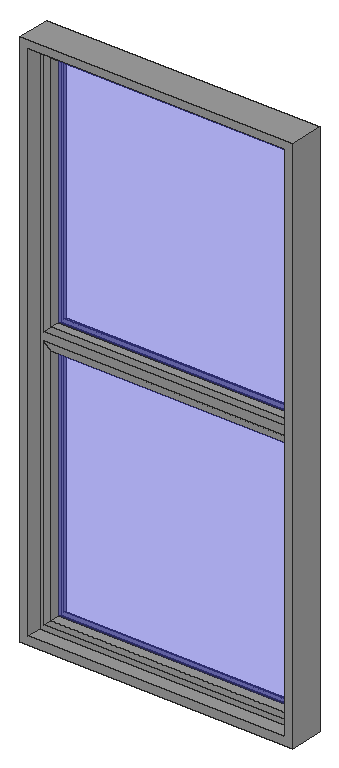
Revit family "16PL FX004_v02", category Windows, host Wall, Revit 2015
Parameters
  Wall Thickness [instance] = 0' - 6"
  URL = "obe.com"
  Transom Height = 3' - 0"
  Rough Width = Width + 0' 0 1/2"  # 3' - 0 1/2"
  Rough Height = Height + 0' 0 1/2"  # 6' - 0 1/2"
  Offset Limitation [instance] = if((Offset + 0' 4 1/2") > Wall Thickness, (Wall Thickness - 0' 4 1/2"), Offset)  # 0' - 1 1/2"
  Offset [instance] = 1' - 0"
  Model = "16PL FX004"
  Manufacturer = "Oldcastle BuildingEnvelope®"
  Keynote = "08 51 00"
  Height = Fixed Height + Transom Height  # 6' - 0"
  Glass Material = Glass
  Frame Material = Aluminum
  Fixed Height = 3' - 0"
  Description = "SIGNATURE SERIES 16PL"
  Default Sill Height = 3' - 0"
  Wall Closure = By host
  Width = 3' - 0"
  Construction Type = ""
  Assembly Code = "B2020"
Reference planes (in)
  plane 1 "Center (Front/Back)": y = 0
  plane 2: z = 0
  plane 3 "Center (Left/Right)": x = 0
  plane 4 "Left": x = -18.25
  plane 5 "Right": x = 18.25
  plane 6 "Sill": z = 36
  plane 7 "Top": z = 108.5
  plane 8 "Offset": y = 1.5
  plane 9: x = 18
  plane 10: z = 108.25
  plane 11: x = -18
  plane 12: z = 36.25
  plane 13 "Center": z = 72.25
  plane 14: z = 106.5
  plane 15: z = 73.18725
  plane 16: z = 71.31225
  plane 17: z = 38
Forms (in)
  Sweep 1, solid, material "Aluminum" <- "Frame Material"
    path origin (0, 1.5, 0) x (1, 0, 0) y (0, 0, 1)
      loop
        line (-18, 36) -> (-18, 72.25)
    profile origin (-18, 1.5, 54.125) x (-1, 0, 0) y (0, -1, 0)
      loop
        line (0.25, 0) -> (0.25, 4.5) -> (-0.75, 4.5) -> (-0.75, 2.5) -> (-1.3755, 2.5) -> (-2.25, 2.484) -> (-2.25, 1.21875) -> (-1.75, 1.21875) -> (-1.75, 0.21875) -> (-2.25, 0.21875) -> (-2.25, 0) -> (0.25, 0)
  Sweep 2, solid, material "Aluminum" <- "Frame Material"
    path origin (0, 1.5, 0) x (1, 0, 0) y (0, 0, 1)
      loop
        line (18, 72.25) -> (18, 36)
    profile origin (18, 1.5, 54.125) x (0, -1, 0) y (1, 0, 0)
      loop
        line (0, 0.25) -> (0, -2.25) -> (0.21875, -2.25) -> (0.21875, -1.75) -> (1.21875, -1.75) -> (1.21875, -2.25) -> (2.484, -2.25) -> (2.5, -1.3755) -> (2.5, -0.75) -> (4.5, -0.75) -> (4.5, 0.25) -> (0, 0.25)
  Sweep 3, solid, material "Aluminum" <- "Frame Material"
    path origin (0, 1.5, 0) x (1, 0, 0) y (0, 0, 1)
      loop
        line (18.25, 72.25) -> (-18.25, 72.25)
    profile origin (0, 1.5, 72.25) x (0, 0, -1) y (0, -1, 0)
      loop
        line (0, 0) -> (1.43775, 0) -> (1.43775, 0.21875) -> (0.93775, 0.21875) -> (0.93775, 1.21875) -> (1.43775, 1.21875) -> (1.43775, 2.484) -> (0.56325, 2.5) -> (0.0005, 2.5) -> (-0.56325, 2.5) -> (-1.43775, 2.484) -> (-1.43775, 1.21875) -> (-0.93775, 1.21875) -> (-0.93775, 0.21875) -> (-1.43775, 0.21875) -> (-1.43775, 0) -> (0, 0)
  Sweep 4, solid, material "Aluminum" <- "Frame Material"
    path origin (0, 1.5, 0) x (1, 0, 0) y (0, 0, 1)
      loop
        line (18.25, 36.25) -> (-18.25, 36.25)
    profile origin (0, 1.5, 36.25) x (0, 0, -1) y (0, -1, 0)
      loop
        line (0.25, 0) -> (0.25, 4.5) -> (-0.75, 4.5) -> (-0.75, 2.5) -> (-1.3755, 2.5) -> (-2.25, 2.484) -> (-2.25, 1.21875) -> (-1.75, 1.21875) -> (-1.75, 0.21875) -> (-2.25, 0.21875) -> (-2.25, 0) -> (0.25, 0)
  Sweep 5, solid, material "Aluminum" <- "Frame Material"
    path origin (0, 1.5, 0) x (1, 0, 0) y (0, 0, 1)
      loop
        line (18, 72.25) -> (18, 108.5)
    profile origin (18, 1.5, 90.375) x (-1, 0, 0) y (0, -1, 0)
      loop
        line (-0.25, 0) -> (2.25, 0) -> (2.25, 0.21875) -> (1.75, 0.21875) -> (1.75, 1.21875) -> (2.25, 1.21875) -> (2.25, 2.484) -> (1.3755, 2.5) -> (0.75, 2.5) -> (0.75, 4.5) -> (-0.25, 4.5) -> (-0.25, 0)
  Sweep 6, solid, material "Aluminum" <- "Frame Material"
    path origin (0, 1.5, 0) x (-1, 0, 0) y (0, 0, 1)
      loop
        line (18, 72.25) -> (18, 108.5)
    profile origin (-18, 1.5, 90.375) x (-1, 0, 0) y (0, -1, 0)
      loop
        line (0.25, 0) -> (0.25, 4.5) -> (-0.75, 4.5) -> (-0.75, 2.5) -> (-1.3755, 2.5) -> (-2.25, 2.484) -> (-2.25, 1.21875) -> (-1.75, 1.21875) -> (-1.75, 0.21875) -> (-2.25, 0.21875) -> (-2.25, 0) -> (0.25, 0)
  Sweep 7, solid, material "Aluminum" <- "Frame Material"
    path origin (0, 1.5, 0) x (1, 0, 0) y (0, 0, 1)
      loop
        line (18.25, 108.25) -> (-18.25, 108.25)
    profile origin (0, 1.5, 108.25) x (0, 0, -1) y (0, -1, 0)
      loop
        line (-0.25, 0) -> (2.25, 0) -> (2.25, 0.21875) -> (1.75, 0.21875) -> (1.75, 1.21875) -> (2.25, 1.21875) -> (2.25, 2.484) -> (1.3755, 2.5) -> (0.75, 2.5) -> (0.75, 4.5) -> (-0.25, 4.5) -> (-0.25, 0)
  Extrusion 8, solid, material "Glass" <- "Glass Material", detail levels coarse
    sketch origin (0, 0, 36) x (0, -1, 0) y (1, 0, 0)
      loop
        line (-1.28125, -16.25) -> (-0.28125, -16.25) -> (-0.28125, 16.25) -> (-1.28125, 16.25) -> (-1.28125, -16.25)
    from 2 to 35.31225
  Extrusion 9, solid, material "Glass" <- "Glass Material", detail levels coarse
    sketch origin (0, 0, 71.15402) x (0, -1, 0) y (1, 0, 0)
      loop
        line (-1.28125, -16.25) -> (-0.28125, -16.25) -> (-0.28125, 16.25) -> (-1.28125, 16.25) -> (-1.28125, -16.25)
    from 2.03323 to 35.34598
  Extrusion 10, solid, material "Glass" <- "Glass Material", detail levels medium+fine
    sketch origin (0, 0, 36) x (0, -1, 0) y (1, 0, 0)
      loop
        line (-1.28125, -16.25) -> (-1.03125, -16.25) -> (-1.03125, 16.25) -> (-1.28125, 16.25) -> (-1.28125, -16.25)
      loop
        line (-0.51855, 16.25) -> (-0.51855, -16.25) -> (-0.28125, -16.25) -> (-0.28125, 16.25) -> (-0.51855, 16.25)
    from 2 to 35.31225
  Extrusion 11, solid, material "Glass" <- "Glass Material", detail levels medium+fine
    sketch origin (0, 0, 36) x (0, -1, 0) y (1, 0, 0)
      loop
        line (-1.28125, -16.25) -> (-1.03125, -16.25) -> (-1.03125, 16.25) -> (-1.28125, 16.25) -> (-1.28125, -16.25)
      loop
        line (-0.51855, 16.25) -> (-0.51855, -16.25) -> (-0.28125, -16.25) -> (-0.28125, 16.25) -> (-0.51855, 16.25)
    from 37.18725 to 70.5
Cuts and joins
  joined: Sweep 1, Sweep 2, Sweep 3, Sweep 4, Sweep 5, Sweep 6, Sweep 7
Lines and regions (in)
  Opening 1
    outline origin (-60, -3, 0) x (1, 0, 0) y (0, 0, 1)
      loop
        line (41.75, 108.5) -> (41.75, 36) -> (78.25, 36) -> (78.25, 108.5) -> (41.75, 108.5)
Text (in)
  text "EXTERIOR" at (-58.6888, 57.09476, 0), in view "Ref. Level"
  text "INTERIOR" at (-58.6888, -45.19176, 0), in view "Ref. Level"
  text "Exterior" at (0, 43.65631, 123.19604), in view "Left"
  text "Exterior" at (0, 18.29385, 125.04747), in view "Right"
  text "Min Size\n\n14\" width x 14\" height\n\n\n\nMax Size\n\n99\" x 99\"\n\n\n\nMax Area\n\n40 square feet" at (92.63041, 57.09476, 0), in view "Ref. Level"
Dimensions and locks (in)
  equal spacing: plane 4 "Left", plane 3 "Center (Left/Right)", plane 5 "Right"
  "Rough Width": plane 4 "Left" to plane 5 "Right"
  "Default Sill Height": plane 2 to plane 6 "Sill"
  "Offset Limitation": plane 8 "Offset" to host wall
  "Wall Thickness": host wall to host wall
  locked: plane 9 to plane 5 "Right" at 0.25
  locked: plane 6 "Sill" to plane 12 at 0.25
  "Fixed Height": plane 12 to plane 13 "Center"
  "Transom Height": plane 13 "Center" to plane 10
  "Rough Height": plane 6 "Sill" to plane 7 "Top"
  "Width": plane 11 to plane 9
  Extrusion 8 sketch curve to Extrusion 8 sketch curve to plane 8 "Offset" = 0' - 1" locked, 0' - 0 7/32" locked
  locked: Extrusion 9 sketch curve to Extrusion 9 sketch curve at 1
  locked: plane 14 to plane 10 at 1.75
  locked: plane 12 to plane 17 at 1.75
  locked: plane 15 to plane 13 "Center" at 0.93725
  locked: plane 16 to plane 13 "Center" at 0.93775
  plane 12 to plane 10 = 6' - 0"
  Extrusion 10 sketch curve to Extrusion 10 sketch curve to Extrusion 10 sketch curve to Extrusion 10 sketch curve to plane 8 "Offset" = 0' - 0.2373" locked, 0' - 0.5127" locked, 0' - 0 1/4" locked, 0' - 0 7/32" locked
  Extrusion 11 sketch curve to Extrusion 11 sketch curve to Extrusion 11 sketch curve to Extrusion 11 sketch curve to plane 8 "Offset" = 0' - 0.2373" locked, 0' - 0.5127" locked, 0' - 0 1/4" locked, 0' - 0 7/32" locked
  aligned and locked: plane 7 "Top" to Opening 1 sketch curve
  aligned and locked: plane 6 "Sill" to Opening 1 sketch curve  (x2)
  aligned and locked: plane 5 "Right" to Opening 1 sketch curve
  aligned and locked: plane 4 "Left" to Opening 1 sketch curve
  aligned and locked: level to plane 2
  aligned and locked: nested 2 to plane 12
  aligned and locked: plane 13 "Center" to Sweep 3 sketch curve
  aligned and locked: Sweep 2 sketch curve to plane 9
  aligned and locked: plane 9 to Sweep 5 sketch curve
  aligned and locked: plane 10 to Sweep 7 sketch curve
  aligned and locked: Extrusion 8 to plane 17
  aligned and locked: plane 16 to Extrusion 8
  aligned and locked: Extrusion 9 to plane 15
  aligned and locked: plane 14 to Extrusion 9
  aligned and locked: nested 1 to plane 12
  aligned and locked: plane 3 "Center (Left/Right)" to nested 1
  aligned and locked: plane 8 "Offset" to nested 1
  aligned and locked: plane 3 "Center (Left/Right)" to nested 2
  aligned and locked: plane 8 "Offset" to nested 2
  aligned and locked: Extrusion 10 to plane 17
  aligned and locked: plane 16 to Extrusion 10
  aligned and locked: Extrusion 11 to plane 15
  aligned and locked: plane 14 to Extrusion 11
  aligned and locked: plane 11 to Sweep 6 sketch curve
Automatic sketch dimensions
  plane 11 to Sweep 1 sketch curve = 0' - 0"
  Sweep 1 sketch curve to plane 6 "Sill" = 0' - 0"
  Sweep 1 sketch curve to plane 13 "Center" = 0' - 0"
  plane 8 "Offset" to Sweep 1 sketch curve = 0' - 0"
  profile plane to Sweep 1 sketch curve = 0' - 2 1/4"
  Sweep 1 sketch curve to Sweep 1 sketch curve = 0' - 0"
  Sweep 1 sketch curve to Sweep 1 sketch curve = 0' - 0 1/2"
  Sweep 1 sketch curve to Sweep 1 sketch curve = 0' - 0.8745"
  Sweep 1 sketch curve to Sweep 1 sketch curve = 0' - 0.6255"
  Sweep 1 sketch curve to profile plane = 0' - 0 1/4"
  plane 8 "Offset" to Sweep 1 sketch curve = 0' - 0 7/32"
  Sweep 1 sketch curve to Sweep 1 sketch curve = 0' - 1"
  Sweep 1 sketch curve to Sweep 1 sketch curve = 0' - 1.26525"
  Sweep 1 sketch curve to Sweep 1 sketch curve = 0' - 0.016"
  Sweep 1 sketch curve to Sweep 1 sketch curve = 0' - 2"
  Sweep 2 sketch curve to plane 6 "Sill" = 0' - 0"
  Sweep 2 sketch curve to plane 13 "Center" = 0' - 0"
  plane 8 "Offset" to Sweep 2 sketch curve = 0' - 0"
  plane 8 "Offset" to Sweep 2 sketch curve = 0' - 0 7/32"
  Sweep 2 sketch curve to Sweep 2 sketch curve = 0' - 1"
  Sweep 2 sketch curve to Sweep 2 sketch curve = 0' - 1.26525"
  profile plane to Sweep 2 sketch curve = 0' - 0 3/4"
  Sweep 2 sketch curve to Sweep 2 sketch curve = 0' - 0.016"
  Sweep 2 sketch curve to profile plane = 0' - 0 1/4"
  Sweep 2 sketch curve to Sweep 2 sketch curve = 0' - 2"
  Sweep 2 sketch curve to Sweep 2 sketch curve = 0' - 0.6255"
  Sweep 2 sketch curve to Sweep 2 sketch curve = 0' - 0.3745"
  Sweep 2 sketch curve to Sweep 2 sketch curve = 0' - 0 1/2"  (x2)
  plane 4 "Left" to Sweep 3 sketch curve = 0' - 0"
  plane 5 "Right" to Sweep 3 sketch curve = 0' - 0"
  plane 4 "Left" to Sweep 4 sketch curve = 0' - 0"
  plane 5 "Right" to Sweep 4 sketch curve = 0' - 0"
  Sweep 4 sketch curve to plane 12 = 0' - 0"
  Sweep 4 sketch curve to plane 8 "Offset" = 0' - 0"
  profile plane to Sweep 4 sketch curve = 0' - 2 1/4"
  Sweep 4 sketch curve to Sweep 4 sketch curve = 0' - 0"
  Sweep 4 sketch curve to Sweep 4 sketch curve = 0' - 0 1/2"
  Sweep 4 sketch curve to Sweep 4 sketch curve = 0' - 0.8745"
  Sweep 4 sketch curve to Sweep 4 sketch curve = 0' - 0.6255"
  Sweep 4 sketch curve to profile plane = 0' - 0 1/4"
  plane 8 "Offset" to Sweep 4 sketch curve = 0' - 0 7/32"
  Sweep 4 sketch curve to Sweep 4 sketch curve = 0' - 1"
  Sweep 4 sketch curve to Sweep 4 sketch curve = 0' - 1.26525"
  Sweep 4 sketch curve to Sweep 4 sketch curve = 0' - 0.016"
  Sweep 4 sketch curve to Sweep 4 sketch curve = 0' - 2"
  Sweep 5 sketch curve to plane 13 "Center" = 0' - 0"
  Sweep 5 sketch curve to plane 7 "Top" = 0' - 0"
  plane 8 "Offset" to Sweep 5 sketch curve = 0' - 0"
  profile plane to Sweep 5 sketch curve = 0' - 0 1/4"
  Sweep 5 sketch curve to profile plane = 0' - 0 3/4"
  Sweep 5 sketch curve to Sweep 5 sketch curve = 0' - 0.6255"
  plane 8 "Offset" to Sweep 5 sketch curve = 0' - 0 7/32"
  Sweep 5 sketch curve to profile plane = 0' - 1 3/4"
  Sweep 5 sketch curve to Sweep 5 sketch curve = 0' - 0 1/2"  (x2)
  Sweep 5 sketch curve to Sweep 5 sketch curve = 0' - 1"
  Sweep 5 sketch curve to Sweep 5 sketch curve = 0' - 1.26525"
  Sweep 5 sketch curve to Sweep 5 sketch curve = 0' - 0.016"
  Sweep 5 sketch curve to Sweep 5 sketch curve = 0' - 2"
  Sweep 6 sketch curve to plane 13 "Center" = 0' - 0"
  Sweep 6 sketch curve to plane 7 "Top" = 0' - 0"
  plane 8 "Offset" to Sweep 6 sketch curve = 0' - 0"
  profile plane to Sweep 6 sketch curve = 0' - 2 1/4"
  Sweep 6 sketch curve to Sweep 6 sketch curve = 0' - 0"
  Sweep 6 sketch curve to Sweep 6 sketch curve = 0' - 0 1/2"
  Sweep 6 sketch curve to Sweep 6 sketch curve = 0' - 0.8745"
  Sweep 6 sketch curve to Sweep 6 sketch curve = 0' - 0.6255"
  Sweep 6 sketch curve to profile plane = 0' - 0 1/4"
  plane 8 "Offset" to Sweep 6 sketch curve = 0' - 0 7/32"
  Sweep 6 sketch curve to Sweep 6 sketch curve = 0' - 1"
  Sweep 6 sketch curve to Sweep 6 sketch curve = 0' - 1.26525"
  Sweep 6 sketch curve to Sweep 6 sketch curve = 0' - 0.016"
  Sweep 6 sketch curve to Sweep 6 sketch curve = 0' - 2"
  plane 4 "Left" to Sweep 7 sketch curve = 0' - 0"
  plane 5 "Right" to Sweep 7 sketch curve = 0' - 0"
  Sweep 7 sketch curve to plane 8 "Offset" = 0' - 0"
  profile plane to Sweep 7 sketch curve = 0' - 0 1/4"
  Sweep 7 sketch curve to profile plane = 0' - 0 3/4"
  Sweep 7 sketch curve to Sweep 7 sketch curve = 0' - 0.6255"
  plane 8 "Offset" to Sweep 7 sketch curve = 0' - 0 7/32"
  Sweep 7 sketch curve to profile plane = 0' - 1 3/4"
  Sweep 7 sketch curve to Sweep 7 sketch curve = 0' - 0 1/2"  (x2)
  Sweep 7 sketch curve to Sweep 7 sketch curve = 0' - 1"
  Sweep 7 sketch curve to Sweep 7 sketch curve = 0' - 1.26525"
  Sweep 7 sketch curve to Sweep 7 sketch curve = 0' - 0.016"
  Sweep 7 sketch curve to Sweep 7 sketch curve = 0' - 2"
  Extrusion 8 sketch curve to plane 11 = 0' - 1 3/4"
  plane 9 to Extrusion 8 sketch curve = 0' - 1 3/4"
  plane 8 "Offset" to Extrusion 9 sketch curve = 0' - 0 7/32"
  Extrusion 9 sketch curve to plane 11 = 0' - 1 3/4"
  plane 9 to Extrusion 9 sketch curve = 0' - 1 3/4"
  Sweep 3 sketch curve to plane 8 "Offset" = 0' - 0"
  Sweep 3 sketch curve to profile plane = 0' - 0"
  profile plane to Sweep 3 sketch curve = 0' - 0.56325"
  profile plane to Sweep 3 sketch curve = 0' - 0.93775"
  plane 8 "Offset" to Sweep 3 sketch curve = 0' - 0 7/32"  (x2)
  Sweep 3 sketch curve to Sweep 3 sketch curve = 0' - 0 1/2"  (x4)
  Sweep 3 sketch curve to profile plane = 0' - 0.0005"
  Sweep 3 sketch curve to Sweep 3 sketch curve = 0' - 0.56275"
  Sweep 3 sketch curve to profile plane = 0' - 0.93775"
  Sweep 3 sketch curve to Sweep 3 sketch curve = 0' - 1"  (x2)
  Sweep 3 sketch curve to Sweep 3 sketch curve = 0' - 1.26525"  (x2)
  Sweep 3 sketch curve to Sweep 3 sketch curve = 0' - 0.016"
  Extrusion 10 sketch curve to plane 11 = 0' - 1 3/4"
  Extrusion 10 sketch curve to Extrusion 10 sketch curve = 0' - 0"  (x2)
  plane 9 to Extrusion 10 sketch curve = 0' - 1 3/4"
  Extrusion 11 sketch curve to plane 11 = 0' - 1 3/4"
  Extrusion 11 sketch curve to Extrusion 11 sketch curve = 0' - 0"  (x2)
  plane 9 to Extrusion 11 sketch curve = 0' - 1 3/4"
Nested families (in)
  nested 1: "S-16PL-Plan View" at (0, 1.5, 0.25), Default Sill Height <- "Default Sill Height", Transom Height <- "Transom Height", Width <- "Width", Height <- "Height", type "S-16PL-Plan View"
    with Width 3' - 0", Transom Height 3' - 0", Height 6' - 0", Default Sill Height 3' - 0"
  nested 2: "S-16PL-Section Fixed" at (0, 1.5, 0.25), Default Sill Height <- "Default Sill Height", Fixed Height <- "Fixed Height", Transom Height <- "Transom Height", Width <- "Width", type "S-16PL-Section Fixed"
    with Width 3' - 0", Transom Height 3' - 0", Fixed Height 3' - 0", Default Sill Height 3' - 0"
Definition of nested family "S-16PL-Plan View"
  Parameters (values of type "S-16PL-Plan View")
    Width [instance] = 2' - 0"
    Transom Height [instance] = 2' - 0"
    Height [instance] = 4' - 0"
    Default Sill Height [instance] = 3' - 0"
    Analytic Construction = "<None>"
  Reference planes (in)
    plane 1 "Center (Front/Back)": y = 0
    plane 2: z = 0
    plane 3 "Center (Left/Right)": x = 0
    plane 4: z = 36
  Lines and regions (in)
    model lines, not visible
      curve 1: line (0, 0, 36) -> (0, 0, 84)
  Dimensions and locks (in)
    "Default Sill Height": plane 4 to plane 2
    "Height": curve 1 to plane 4
    aligned and locked: plane 2 to level
    aligned and locked: plane 3 "Center (Left/Right)" to nested 1
    aligned and locked: plane 1 "Center (Front/Back)" to nested 1
    aligned and locked: plane 4 to curve 1
    aligned and locked: plane 1 "Center (Front/Back)" to curve 1
  Nested families (in)
    nested 1: "S-16PL-Plan View" at (-12, 0, 0), Width <- "Width", type "S-16PL-Plan View"
      with Width 2' - 0"
  Definition of nested family "S-16PL-Plan View"
    Parameters (values of type "S-16PL-Plan View")
      Width [instance] = 2' - 0"
    Reference planes (in)
      plane 1 "Center (Front/Back)": y = 0
      plane 2: z = 0
      plane 3 "C": x = 0
      plane 4: x = 24
      plane 5: x = 22.25
      plane 6: x = 1.75
      plane 7 "Center (Left/Right)": x = 12
    Lines and regions (in)
      detail lines, in view "Ref. Level"
        curve 1: line (22.25, -0.21875, 0) -> (1.75, -0.21875, 0)
        curve 10: line (22.25, -1.21875, 0) -> (1.75, -1.21875, 0)
      detail lines, in view "Ref. Level", detail levels fine
        curve 2: line (22.25, -0.27875, 0) -> (1.75, -0.27875, 0)
        curve 3: line (22.25, -0.33875, 0) -> (1.75, -0.33875, 0)
        curve 4: line (22.25, -0.39875, 0) -> (1.75, -0.39875, 0)
        curve 7: line (22.25, -1.04145, 0) -> (1.75, -1.04145, 0)
        curve 8: line (22.25, -1.10145, 0) -> (1.75, -1.10145, 0)
        curve 9: line (22.25, -1.16145, 0) -> (1.75, -1.16145, 0)
      detail lines, in view "Ref. Level", detail levels medium+fine
        curve 5: line (22.25, -0.46875, 0) -> (1.75, -0.46875, 0)
        curve 6: line (22.25, -0.98145, 0) -> (1.75, -0.98145, 0)
    Dimensions and locks (in)
      "Width": plane 3 "C" to plane 4
      locked: plane 3 "C" to plane 6 at 1.75
      locked: plane 5 to plane 4 at 1.75
      equal spacing: plane 3 "C", plane 7 "Center (Left/Right)", plane 4
      aligned and locked: nested 1 to plane 4
      aligned and locked: nested 1 to plane 1 "Center (Front/Back)"
      aligned and locked: nested 2 to plane 3 "C"
      aligned and locked: nested 2 to plane 1 "Center (Front/Back)"
      aligned and locked: plane 6 to curve 1
      aligned and locked: plane 5 to curve 1
    Automatic sketch dimensions
      curve 10 to plane 6 = 0' - 0"
      curve 8 to plane 6 = 0' - 0"
      curve 2 to plane 6 = 0' - 0"
      curve 7 to plane 6 = 0' - 0"
      curve 3 to plane 6 = 0' - 0"
      curve 6 to plane 6 = 0' - 0"
      curve 4 to plane 6 = 0' - 0"
      curve 5 to plane 6 = 0' - 0"
      curve 9 to plane 6 = 0' - 0"
      curve 6 to plane 5 = 0' - 0"
      curve 4 to plane 5 = 0' - 0"
      curve 7 to plane 5 = 0' - 0"
      curve 3 to plane 5 = 0' - 0"
      curve 8 to plane 5 = 0' - 0"
      curve 2 to plane 5 = 0' - 0"
      curve 9 to plane 5 = 0' - 0"
      curve 5 to plane 5 = 0' - 0"
      curve 10 to plane 5 = 0' - 0"
      plane 1 "Center (Front/Back)" to curve 10 = 0' - 1 7/32"
      curve 10 to curve 9 = 0' - 0.0573"
      curve 9 to curve 8 = 0' - 0.06"
      curve 8 to curve 7 = 0' - 0.06"
      curve 7 to curve 6 = 0' - 0.06"
      plane 1 "Center (Front/Back)" to curve 5 = 0' - 0 15/32"
      curve 5 to curve 4 = 0' - 0.07"
      curve 4 to curve 3 = 0' - 0.06"
      curve 3 to curve 2 = 0' - 0.06"
      curve 2 to curve 1 = 0' - 0.06"
    Nested families (in)
      nested 1: "S-16PL-JAMB L" at (24, 0, 0) x (-1, 0, 0) z (0, 0, 1), type "S-16PL-JAMB L", in view "Ref. Level"
      nested 2: "S-16PL-JAMB R" at (0, 0, 0) x (-1, 0, 0) z (0, 0, 1), type "S-16PL-JAMB R", in view "Ref. Level"
    Definition of nested family "S-16PL-JAMB L"
      Reference planes (in)
        plane 1 "Center (Front/Back)": y = 0
        plane 2: z = 0
        plane 3 "Center (Left/Right)": x = 0
      Lines and regions (in)
        detail lines, in view "Ref. Level"
          curve 1: line (0.75, 4.5, 0) -> (-0.25, 4.5, 0)
          curve 2: line (-0.25, 4.5, 0) -> (-0.25, 0, 0)
          curve 3: line (-0.25, 0, 0) -> (2.25, 0, 0)
          curve 4: line (2.25, 0, 0) -> (2.25, 0.21875, 0)
          curve 5: line (2.25, 0.21875, 0) -> (1.75, 0.21875, 0)
          curve 6: line (1.75, 0.21875, 0) -> (1.75, 1.21875, 0)
          curve 7: line (1.75, 1.21875, 0) -> (2.25, 1.21875, 0)
          curve 8: line (2.25, 1.21875, 0) -> (2.25, 2.484, 0)
          curve 9: line (2.25, 2.484, 0) -> (1.3755, 2.5, 0)
          curve 10: line (1.3755, 2.5, 0) -> (0.75, 2.5, 0)
          curve 11: line (0.75, 2.5, 0) -> (0.75, 4.5, 0)
    Definition of nested family "S-16PL-JAMB R"
      Reference planes (in)
        plane 1 "Center (Front/Back)": y = 0
        plane 2: z = 0
        plane 3 "Center (Left/Right)": x = 0
      Lines and regions (in)
        detail lines, in view "Ref. Level"
          curve 1: line (-0.75, 4.5, 0) -> (0.25, 4.5, 0)
          curve 2: line (0.25, 4.5, 0) -> (0.25, 0, 0)
          curve 3: line (0.25, 0, 0) -> (-2.25, 0, 0)
          curve 4: line (-2.25, 0, 0) -> (-2.25, 0.21875, 0)
          curve 5: line (-2.25, 0.21875, 0) -> (-1.75, 0.21875, 0)
          curve 6: line (-1.75, 0.21875, 0) -> (-1.75, 1.21875, 0)
          curve 7: line (-1.75, 1.21875, 0) -> (-2.25, 1.21875, 0)
          curve 8: line (-2.25, 1.21875, 0) -> (-2.25, 2.484, 0)
          curve 9: line (-2.25, 2.484, 0) -> (-1.3755, 2.5, 0)
          curve 10: line (-1.3755, 2.5, 0) -> (-0.75, 2.5, 0)
          curve 11: line (-0.75, 2.5, 0) -> (-0.75, 4.5, 0)
Definition of nested family "S-16PL-Section Fixed"
  Parameters (values of type "S-16PL-Section Fixed")
    Width [instance] = 2' - 0"
    Transom Height [instance] = 2' - 0"
    Fixed Height [instance] = 3' - 0"
    Default Sill Height [instance] = 3' - 0"
    Analytic Construction = "<None>"
  Reference planes (in)
    plane 1 "Center (Front/Back)": y = 0
    plane 2: z = 0
    plane 3 "Center (Left/Right)": x = 0
    plane 4: z = 36
  Lines and regions (in)
    model lines, not visible
      curve 1: line (-12, 0, 0) -> (12, 0, 0)
  Dimensions and locks (in)
    equal spacing: curve 1, plane 3 "Center (Left/Right)", curve 1
    "Width": curve 1 to curve 1
    "Default Sill Height": plane 4 to plane 2
    aligned and locked: plane 2 to level
    aligned and locked: plane 4 to nested 1
    aligned and locked: nested 1 to plane 1 "Center (Front/Back)"
    aligned and locked: plane 1 "Center (Front/Back)" to curve 1
  Nested families (in)
    nested 1: "S-16PL-Section Fixed" at (0, 0, 36) x (0, -1, 0) z (1, 0, 0), Fixed Height <- "Fixed Height", Transom Height <- "Transom Height", type "S-16PL-Section Fixed"
      with Transom Height 2' - 0", Fixed Height 3' - 0"
  Definition of nested family "S-16PL-Section Fixed"
    Parameters (values of type "S-16PL-Section Fixed")
      Transom Height [instance] = 2' - 0"
      Fixed Height [instance] = 3' - 0"
    Reference planes (in)
      plane 1 "Center (Front/Back)": y = 0
      plane 2: z = 0
      plane 3 "Center (Left/Right)": x = 0
      plane 4: y = 60
      plane 5: y = 58.25
      plane 6: y = 1.75
      plane 7: y = 36
      plane 8: y = 36.93725
      plane 9: y = 35.06225
    Lines and regions (in)
      detail lines, in view "Ref. Level"
        curve 1: line (1.21875, 1.75, 0) -> (1.21875, 35.06225, 0)
        curve 10: line (0.21875, 1.75, 0) -> (0.21875, 35.06225, 0)
        curve 11: line (1.21875, 36.93725, 0) -> (1.21875, 58.25, 0)
        curve 20: line (0.21875, 36.93725, 0) -> (0.21875, 58.25, 0)
      detail lines, in view "Ref. Level", detail levels fine
        curve 2: line (1.15875, 1.75, 0) -> (1.15875, 35.06225, 0)
        curve 3: line (1.09875, 1.75, 0) -> (1.09875, 35.06225, 0)
        curve 4: line (1.03875, 1.75, 0) -> (1.03875, 35.06225, 0)
        curve 7: line (0.39605, 1.75, 0) -> (0.39605, 35.06225, 0)
        curve 8: line (0.33605, 1.75, 0) -> (0.33605, 35.06225, 0)
        curve 9: line (0.27605, 1.75, 0) -> (0.27605, 35.06225, 0)
        curve 12: line (1.15875, 36.93725, 0) -> (1.15875, 58.25, 0)
        curve 13: line (1.09875, 36.93725, 0) -> (1.09875, 58.25, 0)
        curve 14: line (1.03875, 36.93725, 0) -> (1.03875, 58.25, 0)
        curve 17: line (0.39605, 36.93725, 0) -> (0.39605, 58.25, 0)
        curve 18: line (0.33605, 36.93725, 0) -> (0.33605, 58.25, 0)
        curve 19: line (0.27605, 36.93725, 0) -> (0.27605, 58.25, 0)
      detail lines, in view "Ref. Level", detail levels medium+fine
        curve 5: line (0.96875, 1.75, 0) -> (0.96875, 35.06225, 0)
        curve 6: line (0.45605, 1.75, 0) -> (0.45605, 35.06225, 0)
        curve 15: line (0.96875, 36.93725, 0) -> (0.96875, 58.25, 0)
        curve 16: line (0.45605, 36.93725, 0) -> (0.45605, 58.25, 0)
    Dimensions and locks (in)
      "Fixed Height": plane 1 "Center (Front/Back)" to plane 7
      locked: plane 6 to plane 1 "Center (Front/Back)" at 1.75
      locked: plane 4 to plane 5 at 1.75
      "Transom Height": plane 4 to plane 7
      plane 8 to plane 7 to plane 9 = 0' - 0.93725" locked, 0' - 0.93775" locked
      aligned and locked: plane 3 "Center (Left/Right)" to nested 1
      aligned and locked: plane 1 "Center (Front/Back)" to nested 1
      aligned and locked: plane 3 "Center (Left/Right)" to nested 2
      aligned and locked: nested 2 to plane 7
      aligned and locked: plane 3 "Center (Left/Right)" to nested 3
      aligned and locked: nested 3 to plane 4
      aligned and locked: plane 6 to curve 5
      aligned and locked: plane 6 to curve 4
      aligned and locked: plane 6 to curve 3
      aligned and locked: plane 6 to curve 2
      aligned and locked: plane 6 to curve 1
      aligned and locked: plane 9 to curve 1
      aligned and locked: plane 9 to curve 2
      aligned and locked: plane 9 to curve 3
      aligned and locked: plane 9 to curve 4
      aligned and locked: plane 9 to curve 5
      aligned and locked: plane 9 to curve 6
      aligned and locked: plane 9 to curve 7
      aligned and locked: plane 9 to curve 9
      aligned and locked: plane 9 to curve 8
      aligned and locked: plane 9 to curve 10
      aligned and locked: plane 9 to nested 2
      aligned and locked: plane 8 to curve 11
      aligned and locked: plane 8 to curve 12
      aligned and locked: plane 8 to curve 13
      aligned and locked: plane 8 to curve 14
      aligned and locked: plane 8 to curve 15
      aligned and locked: plane 8 to curve 16
      aligned and locked: plane 8 to curve 17
      aligned and locked: plane 8 to curve 18
      aligned and locked: plane 8 to curve 19
      aligned and locked: plane 8 to curve 20
      aligned and locked: plane 5 to curve 11
      aligned and locked: plane 5 to curve 13
      aligned and locked: plane 5 to curve 12
      aligned and locked: plane 5 to curve 14
      aligned and locked: plane 5 to curve 15
      aligned and locked: plane 5 to curve 16
      aligned and locked: plane 5 to curve 17
      aligned and locked: plane 5 to curve 19
      aligned and locked: plane 5 to curve 18
      aligned and locked: plane 5 to curve 20
    Automatic sketch dimensions
      curve 10 to plane 6 = 0' - 0"
      curve 9 to plane 6 = 0' - 0"
      curve 8 to plane 6 = 0' - 0"
      curve 7 to plane 6 = 0' - 0"
      curve 6 to plane 6 = 0' - 0"
      plane 3 "Center (Left/Right)" to curve 20 = 0' - 0 7/32"
      plane 3 "Center (Left/Right)" to curve 10 = 0' - 0 7/32"
      curve 20 to curve 19 = 0' - 0.0573"
      curve 10 to curve 9 = 0' - 0.0573"
      curve 19 to curve 18 = 0' - 0.06"
      curve 9 to curve 8 = 0' - 0.06"
      curve 8 to curve 7 = 0' - 0.06"
      curve 18 to curve 17 = 0' - 0.06"
      curve 17 to curve 16 = 0' - 0.06"
      curve 7 to curve 6 = 0' - 0.06"
      curve 6 to curve 5 = 0' - 0.5127"
      curve 16 to curve 15 = 0' - 0.5127"
      curve 5 to curve 4 = 0' - 0.07"
      curve 15 to curve 14 = 0' - 0.07"
      curve 14 to curve 13 = 0' - 0.06"
      curve 4 to curve 3 = 0' - 0.06"
      curve 3 to curve 2 = 0' - 0.06"
      curve 13 to curve 12 = 0' - 0.06"
      curve 2 to curve 1 = 0' - 0.06"
      curve 12 to curve 11 = 0' - 0.06"
    Nested families (in)
      nested 1: "S-16PL-SILL" at (0, 0, 0), type "S-16PL-SILL", in view "Ref. Level"
      nested 2: "S-16PL-HORIZ" at (0, 36, 0), type "S-16PL-HORIZ", in view "Ref. Level"
      nested 3: "S-16PL-HEAD" at (0, 60, 0), type "S-16PL-HEAD", in view "Ref. Level"
    Definition of nested family "S-16PL-SILL"
      Reference planes (in)
        plane 1 "Center (Front/Back)": y = 0
        plane 2: z = 0
        plane 3 "Center (Left/Right)": x = 0
      Lines and regions (in)
        detail lines, in view "Ref. Level"
          curve 1: line (2.5, 0.75, 0) -> (4.5, 0.75, 0)
          curve 2: line (4.5, 0.75, 0) -> (4.5, -0.25, 0)
          curve 3: line (4.5, -0.25, 0) -> (0, -0.25, 0)
          curve 4: line (0, -0.25, 0) -> (0, 2.25, 0)
          curve 5: line (0, 2.25, 0) -> (0.21875, 2.25, 0)
          curve 6: line (0.21875, 2.25, 0) -> (0.21875, 1.75, 0)
          curve 7: line (0.21875, 1.75, 0) -> (1.21875, 1.75, 0)
          curve 8: line (1.21875, 1.75, 0) -> (1.21875, 2.25, 0)
          curve 9: line (1.21875, 2.25, 0) -> (2.484, 2.25, 0)
          curve 10: line (2.484, 2.25, 0) -> (2.5, 1.3755, 0)
          curve 11: line (2.5, 1.3755, 0) -> (2.5, 0.75, 0)
    Definition of nested family "S-16PL-HORIZ"
      Reference planes (in)
        plane 1 "Center (Front/Back)": y = 0
        plane 2: z = 0
        plane 3 "Center (Left/Right)": x = 0
      Lines and regions (in)
        detail lines, in view "Ref. Level"
          curve 1: line (2.5, 0.56225, 0) -> (2.484, 1.43775, 0)
          curve 2: line (2.484, 1.43775, 0) -> (1.21875, 1.43775, 0)
          curve 3: line (1.21875, 1.43775, 0) -> (1.21875, 0.93725, 0)
          curve 4: line (1.21875, 0.93725, 0) -> (0.21875, 0.93725, 0)
          curve 5: line (0.21875, 0.93725, 0) -> (0.21875, 1.43725, 0)
          curve 6: line (0.21875, 1.43725, 0) -> (0, 1.43725, 0)
          curve 7: line (0, 1.43725, 0) -> (0, -1.43775, 0)
          curve 8: line (0, -1.43775, 0) -> (0.21875, -1.43775, 0)
          curve 9: line (0.21875, -1.43775, 0) -> (0.21875, -0.93775, 0)
          curve 10: line (0.21875, -0.93775, 0) -> (1.21875, -0.93775, 0)
          curve 11: line (1.21875, -0.93775, 0) -> (1.21875, -1.43775, 0)
          curve 12: line (1.21875, -1.43775, 0) -> (2.484, -1.43775, 0)
          curve 13: line (2.484, -1.43775, 0) -> (2.5, -0.56325, 0)
          curve 14: line (2.5, -0.56325, 0) -> (2.5, 0.56225, 0)
    Definition of nested family "S-16PL-HEAD"
      Reference planes (in)
        plane 1 "Center (Front/Back)": y = 0
        plane 2: z = 0
        plane 3 "Center (Left/Right)": x = 0
      Lines and regions (in)
        detail lines, in view "Ref. Level"
          curve 1: line (2.5, -0.75, 0) -> (4.5, -0.75, 0)
          curve 2: line (4.5, -0.75, 0) -> (4.5, 0.25, 0)
          curve 3: line (4.5, 0.25, 0) -> (0, 0.25, 0)
          curve 4: line (0, 0.25, 0) -> (0, -2.25, 0)
          curve 5: line (0, -2.25, 0) -> (0.21875, -2.25, 0)
          curve 6: line (0.21875, -2.25, 0) -> (0.21875, -1.75, 0)
          curve 7: line (0.21875, -1.75, 0) -> (1.21875, -1.75, 0)
          curve 8: line (1.21875, -1.75, 0) -> (1.21875, -2.25, 0)
          curve 9: line (1.21875, -2.25, 0) -> (2.484, -2.25, 0)
          curve 10: line (2.484, -2.25, 0) -> (2.5, -1.375, 0)
          curve 11: line (2.5, -1.375, 0) -> (2.5, -0.75, 0)
